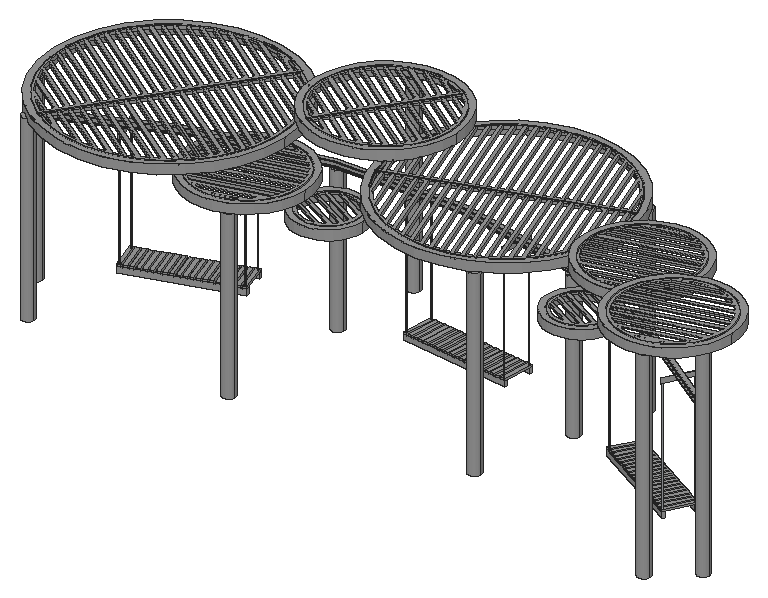
Revit family "39606 Качели «Оазис» Хоббика", category Антураж, Revit 2018 (continued)
Forms (mm)
  Extrusion 38, solid, material "Сталь" <- "Цвет каркаса"
    from 2280.493 to 2360
  Extrusion 39, solid
    sketch origin (11549.327, 5808.688, 0) x (0.680677, -0.732584, 0) y (0.732584, 0.680677, 0)
      loop
        circle (1063.971, -4073.876) r 5
      loop
        circle (2680.808, -3517.155) r 5
      loop
        circle (1213.733, -4508.815) r 5
      loop
        circle (2830.569, -3952.093) r 5
    from 450 to 2280.493
Dimensions and locks
  "Длина": plane 3 "По центру (Влево/Вправо)" to plane 4
  "Ширина": plane 5 to plane 1 "По центру (Вперед/Назад)"
  "Высота": plane 6 to plane 2
  plane 6 to level = 3400 mm
  aligned and locked: level to plane 2
Automatic sketch dimensions
  plane 3 "По центру (Влево/Вправо)" to Extrusion 1 sketch curve = 116.712 mm
  plane 3 "По центру (Влево/Вправо)" to Extrusion 1 sketch curve = 683.137 mm
  Extrusion 1 sketch curve to plane 1 "По центру (Вперед/Назад)" = 489.123 mm
  Extrusion 1 sketch curve to Extrusion 1 sketch curve = 872.217 mm
  Extrusion 2 sketch curve to Extrusion 2 sketch curve = 0 mm  (x2)
  plane 3 "По центру (Влево/Вправо)" to Extrusion 2 sketch curve = 1880 mm
  Extrusion 2 sketch curve to plane 1 "По центру (Вперед/Назад)" = 1880 mm
  Extrusion 3 sketch curve to Extrusion 3 sketch curve = 0 mm  (x2)
  Extrusion 3 sketch curve to plane 5 = 1860 mm
  Extrusion 3 sketch curve to plane 4 = 4960.581 mm
  Extrusion 4 sketch curve to plane 1 "По центру (Вперед/Назад)" = 906.903 mm
  Extrusion 4 sketch curve to plane 4 = 4167.911 mm
  Extrusion 4 sketch curve to plane 5 = 858.8 mm
  Extrusion 4 sketch curve to Extrusion 4 sketch curve = 705.248 mm
  Extrusion 5 sketch curve to plane 1 "По центру (Вперед/Назад)" = 517.367 mm
  plane 3 "По центру (Влево/Вправо)" to Extrusion 5 sketch curve = 3936.198 mm
  Extrusion 6 sketch curve to plane 1 "По центру (Вперед/Назад)" = 173.346 mm
  Extrusion 6 sketch curve to plane 4 = 819.789 mm
  Extrusion 6 sketch curve to plane 4 = 258.71 mm
  Extrusion 6 sketch curve to plane 1 "По центру (Вперед/Назад)" = 681.212 mm
  plane 3 "По центру (Влево/Вправо)" to Sweep 7 sketch curve = 5337.264 mm
  plane 1 "По центру (Вперед/Назад)" to Sweep 7 sketch curve = 7238.762 mm
  plane 3 "По центру (Влево/Вправо)" to Sweep 7 sketch curve = 116.712 mm
  Sweep 7 sketch curve to plane 4 = 258.71 mm
  Sweep 7 sketch curve to plane 1 "По центру (Вперед/Назад)" = 681.212 mm
  profile plane to Sweep 7 sketch curve = 35 mm  (x2)
  profile plane to Sweep 7 sketch curve = 5 mm
  Sweep 7 sketch curve to profile plane = 5 mm
  Sweep 7 sketch curve to Sweep 7 sketch curve = 30 mm  (x2)
  level to Sweep 7 sketch curve = 2360 mm
  Sweep 7 sketch curve to Sweep 7 sketch curve = 10 mm  (x3)
  Sweep 7 sketch curve to Sweep 7 sketch curve = 80 mm
  Sweep 7 sketch curve to Sweep 7 sketch curve = 0 mm
  Extrusion 8 sketch curve to Extrusion 8 sketch curve = 0 mm  (x2)
  Extrusion 8 sketch curve to plane 5 = 1291.985 mm
  plane 3 "По центру (Влево/Вправо)" to Extrusion 8 sketch curve = 4414.191 mm
  Extrusion 9 sketch curve to Extrusion 9 sketch curve = 0 mm  (x2)
  Extrusion 9 sketch curve to plane 1 "По центру (Вперед/Назад)" = 1361.133 mm
  plane 3 "По центру (Влево/Вправо)" to Extrusion 9 sketch curve = 4887.491 mm
  Extrusion 10 sketch curve to Extrusion 10 sketch curve = 0 mm  (x2)
  Extrusion 10 sketch curve to plane 1 "По центру (Вперед/Назад)" = 1325.489 mm
  plane 3 "По центру (Влево/Вправо)" to Extrusion 10 sketch curve = 3583.524 mm
  Extrusion 11 sketch curve to plane 5 = 1662.633 mm
  plane 3 "По центру (Влево/Вправо)" to Extrusion 11 sketch curve = 3936.198 mm
  Extrusion 12 sketch curve to plane 5 = 252.984 mm
  plane 3 "По центру (Влево/Вправо)" to Extrusion 12 sketch curve = 4047.913 mm
  Extrusion 13 sketch curve to plane 4 = 3802.769 mm
  Extrusion 13 sketch curve to plane 5 = 1933.311 mm
  Extrusion 14 sketch curve to Extrusion 14 sketch curve = 0 mm  (x2)
  Extrusion 14 sketch curve to plane 4 = 2384.984 mm
  Extrusion 14 sketch curve to plane 1 "По центру (Вперед/Назад)" = 2094.513 mm
  Extrusion 15 sketch curve to Extrusion 15 sketch curve = 0 mm  (x2)
  Extrusion 15 sketch curve to plane 4 = 1035.291 mm
  Extrusion 15 sketch curve to plane 1 "По центру (Вперед/Назад)" = 1034.303 mm
  Extrusion 16 sketch curve to Extrusion 16 sketch curve = 0 mm  (x2)
  Extrusion 16 sketch curve to plane 1 "По центру (Вперед/Назад)" = 775.2 mm
  Extrusion 16 sketch curve to plane 4 = 2323.784 mm
  Extrusion 17 sketch curve to Extrusion 17 sketch curve = 0 mm  (x600)
  plane 3 "По центру (Влево/Вправо)" to Extrusion 17 sketch curve = 150.277 mm
  Extrusion 17 sketch curve to Extrusion 17 sketch curve = 2.039 mm
  Extrusion 17 sketch curve to Extrusion 17 sketch curve = 2.07 mm
  Extrusion 17 sketch curve to Extrusion 17 sketch curve = 4.419 mm
  Extrusion 17 sketch curve to Extrusion 17 sketch curve = 9.62 mm
  Extrusion 17 sketch curve to Extrusion 17 sketch curve = 7.39 mm
  Extrusion 17 sketch curve to Extrusion 17 sketch curve = 16.622 mm
  Extrusion 17 sketch curve to Extrusion 17 sketch curve = 12.749 mm
  Extrusion 17 sketch curve to Extrusion 17 sketch curve = 19.554 mm
  Extrusion 17 sketch curve to Extrusion 17 sketch curve = 12.04 mm
  Extrusion 17 sketch curve to Extrusion 17 sketch curve = 36.295 mm
  Extrusion 17 sketch curve to Extrusion 17 sketch curve = 28.355 mm
  Extrusion 17 sketch curve to Extrusion 17 sketch curve = 16.233 mm
  Extrusion 17 sketch curve to Extrusion 17 sketch curve = 24.669 mm
  Extrusion 17 sketch curve to Extrusion 17 sketch curve = 36.416 mm
  Extrusion 17 sketch curve to Extrusion 17 sketch curve = 20.131 mm
  Extrusion 17 sketch curve to Extrusion 17 sketch curve = 66.871 mm
  Extrusion 17 sketch curve to Extrusion 17 sketch curve = 44.011 mm
  Extrusion 17 sketch curve to Extrusion 17 sketch curve = 45.325 mm
  Extrusion 17 sketch curve to Extrusion 17 sketch curve = 23.851 mm
  Extrusion 17 sketch curve to Extrusion 17 sketch curve = 51.346 mm
  Extrusion 17 sketch curve to Extrusion 17 sketch curve = 27.486 mm  (x24)
  Extrusion 17 sketch curve to Extrusion 17 sketch curve = 131.594 mm
  Extrusion 17 sketch curve to Extrusion 17 sketch curve = 58.599 mm
  Extrusion 17 sketch curve to Extrusion 17 sketch curve = 31.122 mm
  Extrusion 17 sketch curve to Extrusion 17 sketch curve = 106.816 mm
  Extrusion 17 sketch curve to Extrusion 17 sketch curve = 65.935 mm
  Extrusion 17 sketch curve to Extrusion 17 sketch curve = 34.842 mm
  Extrusion 17 sketch curve to Extrusion 17 sketch curve = 73.53 mm
  Extrusion 17 sketch curve to Extrusion 17 sketch curve = 38.739 mm
  Extrusion 17 sketch curve to Extrusion 17 sketch curve = 81.591 mm
  Extrusion 17 sketch curve to Extrusion 17 sketch curve = 42.933 mm
  Extrusion 17 sketch curve to plane 1 "По центру (Вперед/Назад)" = 462.946 mm
  Extrusion 17 sketch curve to Extrusion 17 sketch curve = 289.892 mm
  Extrusion 17 sketch curve to plane 1 "По центру (Вперед/Назад)" = 393.089 mm
  Extrusion 17 sketch curve to Extrusion 17 sketch curve = 13.883 mm
  Extrusion 17 sketch curve to plane 1 "По центру (Вперед/Назад)" = 508.286 mm
  Extrusion 17 sketch curve to Extrusion 17 sketch curve = 29.838 mm
  Extrusion 17 sketch curve to Extrusion 17 sketch curve = 90.392 mm
  Extrusion 17 sketch curve to plane 1 "По центру (Вперед/Назад)" = 633.588 mm
  Extrusion 17 sketch curve to Extrusion 17 sketch curve = 54.973 mm  (x19)
  Extrusion 17 sketch curve to Extrusion 17 sketch curve = 47.583 mm
  Extrusion 17 sketch curve to plane 1 "По центру (Вперед/Назад)" = 758.889 mm
  Extrusion 17 sketch curve to Extrusion 17 sketch curve = 100.326 mm
  Extrusion 17 sketch curve to plane 1 "По центру (Вперед/Назад)" = 884.191 mm
  Extrusion 17 sketch curve to Extrusion 17 sketch curve = 52.934 mm
  Extrusion 17 sketch curve to plane 1 "По центру (Вперед/Назад)" = 1009.492 mm
  Extrusion 17 sketch curve to Extrusion 17 sketch curve = 112.016 mm
  Extrusion 17 sketch curve to Extrusion 17 sketch curve = 59.392 mm
  Extrusion 17 sketch curve to plane 1 "По центру (Вперед/Назад)" = 1260.095 mm
  Extrusion 17 sketch curve to Extrusion 17 sketch curve = 126.568 mm
  Extrusion 17 sketch curve to plane 1 "По центру (Вперед/Назад)" = 1385.397 mm
  Extrusion 17 sketch curve to Extrusion 17 sketch curve = 67.722 mm
  Extrusion 17 sketch curve to plane 1 "По центру (Вперед/Назад)" = 1510.698 mm
  Extrusion 17 sketch curve to plane 1 "По центру (Вперед/Назад)" = 1636 mm
  Extrusion 17 sketch curve to plane 5 = 801.691 mm
  Extrusion 17 sketch curve to Extrusion 17 sketch curve = 146.241 mm
  Extrusion 17 sketch curve to plane 5 = 794.247 mm
  Extrusion 17 sketch curve to Extrusion 17 sketch curve = 79.642 mm
  Extrusion 17 sketch curve to Extrusion 17 sketch curve = 28.024 mm
  Extrusion 17 sketch curve to plane 5 = 790.896 mm
  Extrusion 17 sketch curve to plane 5 = 797.045 mm
  Extrusion 17 sketch curve to Extrusion 17 sketch curve = 100.298 mm
  Extrusion 17 sketch curve to plane 5 = 2012.191 mm
  Extrusion 17 sketch curve to plane 5 = 1886.89 mm
  Extrusion 17 sketch curve to plane 5 = 836.288 mm
  Extrusion 17 sketch curve to plane 5 = 1761.588 mm
  Extrusion 17 sketch curve to plane 5 = 1636.287 mm
  Extrusion 17 sketch curve to plane 5 = 882.903 mm
  Extrusion 17 sketch curve to Extrusion 17 sketch curve = 161.789 mm
  Extrusion 17 sketch curve to plane 5 = 1510.985 mm
  Extrusion 17 sketch curve to plane 5 = 1385.684 mm
  Extrusion 17 sketch curve to plane 5 = 1260.382 mm
  Extrusion 17 sketch curve to plane 5 = 1218.615 mm
  Extrusion 17 sketch curve to plane 5 = 1093.313 mm
  Extrusion 17 sketch curve to plane 5 = 1033.089 mm
  Extrusion 17 sketch curve to Extrusion 17 sketch curve = 41.767 mm  (x6)
  Extrusion 18 sketch curve to Extrusion 18 sketch curve = 0 mm  (x600)
  plane 1 "По центру (Вперед/Назад)" to Extrusion 18 sketch curve = 303.636 mm
  Extrusion 18 sketch curve to plane 3 "По центру (Влево/Вправо)" = 2592.725 mm
  Extrusion 18 sketch curve to Extrusion 18 sketch curve = 2.039 mm
  Extrusion 18 sketch curve to Extrusion 18 sketch curve = 2.07 mm
  Extrusion 18 sketch curve to Extrusion 18 sketch curve = 4.419 mm
  Extrusion 18 sketch curve to Extrusion 18 sketch curve = 9.62 mm
  Extrusion 18 sketch curve to Extrusion 18 sketch curve = 7.39 mm
  Extrusion 18 sketch curve to Extrusion 18 sketch curve = 16.622 mm
  Extrusion 18 sketch curve to Extrusion 18 sketch curve = 12.749 mm
  Extrusion 18 sketch curve to Extrusion 18 sketch curve = 19.554 mm
  Extrusion 18 sketch curve to Extrusion 18 sketch curve = 12.04 mm
  Extrusion 18 sketch curve to Extrusion 18 sketch curve = 36.295 mm
  Extrusion 18 sketch curve to Extrusion 18 sketch curve = 28.355 mm
  Extrusion 18 sketch curve to Extrusion 18 sketch curve = 16.233 mm
  Extrusion 18 sketch curve to Extrusion 18 sketch curve = 24.669 mm
  Extrusion 18 sketch curve to Extrusion 18 sketch curve = 36.416 mm
  Extrusion 18 sketch curve to Extrusion 18 sketch curve = 20.131 mm
  Extrusion 18 sketch curve to Extrusion 18 sketch curve = 66.871 mm
  Extrusion 18 sketch curve to Extrusion 18 sketch curve = 44.011 mm
  Extrusion 18 sketch curve to Extrusion 18 sketch curve = 45.325 mm
  Extrusion 18 sketch curve to Extrusion 18 sketch curve = 23.851 mm
  Extrusion 18 sketch curve to Extrusion 18 sketch curve = 51.346 mm
  Extrusion 18 sketch curve to Extrusion 18 sketch curve = 27.486 mm  (x24)
  Extrusion 18 sketch curve to Extrusion 18 sketch curve = 131.594 mm
  Extrusion 18 sketch curve to Extrusion 18 sketch curve = 58.599 mm
  Extrusion 18 sketch curve to Extrusion 18 sketch curve = 31.122 mm
  Extrusion 18 sketch curve to Extrusion 18 sketch curve = 106.816 mm
  Extrusion 18 sketch curve to Extrusion 18 sketch curve = 65.935 mm
  Extrusion 18 sketch curve to Extrusion 18 sketch curve = 34.842 mm
  Extrusion 18 sketch curve to Extrusion 18 sketch curve = 73.53 mm
  Extrusion 18 sketch curve to Extrusion 18 sketch curve = 38.739 mm
  Extrusion 18 sketch curve to Extrusion 18 sketch curve = 81.591 mm
  Extrusion 18 sketch curve to Extrusion 18 sketch curve = 42.933 mm
  Extrusion 18 sketch curve to Extrusion 18 sketch curve = 289.892 mm
  Extrusion 18 sketch curve to Extrusion 18 sketch curve = 13.883 mm
  Extrusion 18 sketch curve to Extrusion 18 sketch curve = 29.838 mm  (x2)
  Extrusion 18 sketch curve to Extrusion 18 sketch curve = 90.392 mm
  Extrusion 18 sketch curve to Extrusion 18 sketch curve = 54.973 mm  (x22)
  Extrusion 18 sketch curve to Extrusion 18 sketch curve = 47.583 mm
  Extrusion 18 sketch curve to Extrusion 18 sketch curve = 100.326 mm
  Extrusion 18 sketch curve to Extrusion 18 sketch curve = 52.934 mm
  Extrusion 18 sketch curve to Extrusion 18 sketch curve = 112.016 mm
  Extrusion 18 sketch curve to Extrusion 18 sketch curve = 59.392 mm
  Extrusion 18 sketch curve to Extrusion 18 sketch curve = 126.568 mm
  Extrusion 18 sketch curve to Extrusion 18 sketch curve = 67.722 mm
  Extrusion 18 sketch curve to Extrusion 18 sketch curve = 146.241 mm
  Extrusion 18 sketch curve to Extrusion 18 sketch curve = 79.642 mm
  Extrusion 18 sketch curve to Extrusion 18 sketch curve = 28.024 mm
  Extrusion 18 sketch curve to Extrusion 18 sketch curve = 176.816 mm
  Extrusion 18 sketch curve to Extrusion 18 sketch curve = 100.298 mm
  Extrusion 18 sketch curve to Extrusion 18 sketch curve = 241.54 mm
  Extrusion 18 sketch curve to Extrusion 18 sketch curve = 161.789 mm
  Extrusion 18 sketch curve to Extrusion 18 sketch curve = 69.651 mm
  Extrusion 18 sketch curve to Extrusion 18 sketch curve = 24.376 mm
  Extrusion 18 sketch curve to Extrusion 18 sketch curve = 6.603 mm
  Extrusion 18 sketch curve to Extrusion 18 sketch curve = 41.767 mm  (x17)
  Extrusion 18 sketch curve to Extrusion 18 sketch curve = 62.764 mm
  Extrusion 18 sketch curve to Extrusion 18 sketch curve = 68.246 mm
  Extrusion 18 sketch curve to Extrusion 18 sketch curve = 76.09 mm
  Extrusion 18 sketch curve to Extrusion 18 sketch curve = 89.683 mm
  Extrusion 18 sketch curve to Extrusion 18 sketch curve = 130.15 mm
  Extrusion 18 sketch curve to Extrusion 18 sketch curve = 69.857 mm
  Extrusion 19 sketch curve to Extrusion 19 sketch curve = 0 mm  (x600)
  Extrusion 19 sketch curve to plane 5 = 832.915 mm
  plane 3 "По центру (Влево/Вправо)" to Extrusion 19 sketch curve = 5472.234 mm
  Extrusion 19 sketch curve to Extrusion 19 sketch curve = 1.628 mm
  Extrusion 19 sketch curve to Extrusion 19 sketch curve = 3.058 mm
  Extrusion 19 sketch curve to Extrusion 19 sketch curve = 5.016 mm
  Extrusion 19 sketch curve to Extrusion 19 sketch curve = 8.929 mm
  Extrusion 19 sketch curve to Extrusion 19 sketch curve = 7.099 mm
  Extrusion 19 sketch curve to Extrusion 19 sketch curve = 18.098 mm
  Extrusion 19 sketch curve to Extrusion 19 sketch curve = 19.063 mm
  Extrusion 19 sketch curve to Extrusion 19 sketch curve = 13.673 mm
  Extrusion 19 sketch curve to Extrusion 19 sketch curve = 11.834 mm
  Extrusion 19 sketch curve to Extrusion 19 sketch curve = 28.011 mm
  Extrusion 19 sketch curve to Extrusion 19 sketch curve = 38.698 mm
  Extrusion 19 sketch curve to Extrusion 19 sketch curve = 16.092 mm
  Extrusion 19 sketch curve to Extrusion 19 sketch curve = 26.277 mm
  Extrusion 19 sketch curve to Extrusion 19 sketch curve = 36.188 mm
  Extrusion 19 sketch curve to Extrusion 19 sketch curve = 20.043 mm
  Extrusion 19 sketch curve to Extrusion 19 sketch curve = 71.544 mm
  Extrusion 19 sketch curve to Extrusion 19 sketch curve = 43.88 mm
  Extrusion 19 sketch curve to Extrusion 19 sketch curve = 23.808 mm
  Extrusion 19 sketch curve to Extrusion 19 sketch curve = 48.975 mm
  Extrusion 19 sketch curve to Extrusion 19 sketch curve = 51.304 mm
  Extrusion 19 sketch curve to Extrusion 19 sketch curve = 27.486 mm  (x24)
  Extrusion 19 sketch curve to Extrusion 19 sketch curve = 58.642 mm
  Extrusion 19 sketch curve to Extrusion 19 sketch curve = 146.502 mm
  Extrusion 19 sketch curve to Extrusion 19 sketch curve = 31.165 mm
  Extrusion 19 sketch curve to Extrusion 19 sketch curve = 55.773 mm
  Extrusion 19 sketch curve to Extrusion 19 sketch curve = 66.066 mm
  Extrusion 19 sketch curve to Extrusion 19 sketch curve = 34.93 mm
  Extrusion 19 sketch curve to Extrusion 19 sketch curve = 73.758 mm
  Extrusion 19 sketch curve to Extrusion 19 sketch curve = 38.881 mm
  Extrusion 19 sketch curve to Extrusion 19 sketch curve = 81.935 mm
  Extrusion 19 sketch curve to Extrusion 19 sketch curve = 289.892 mm
  Extrusion 19 sketch curve to Extrusion 19 sketch curve = 43.139 mm
  Extrusion 19 sketch curve to Extrusion 19 sketch curve = 24.878 mm
  Extrusion 19 sketch curve to Extrusion 19 sketch curve = 29.838 mm  (x2)
  Extrusion 19 sketch curve to Extrusion 19 sketch curve = 90.883 mm
  Extrusion 19 sketch curve to Extrusion 19 sketch curve = 54.973 mm  (x22)
  Extrusion 19 sketch curve to Extrusion 19 sketch curve = 47.874 mm
  Extrusion 19 sketch curve to Extrusion 19 sketch curve = 101.017 mm
  Extrusion 19 sketch curve to Extrusion 19 sketch curve = 53.345 mm
  Extrusion 19 sketch curve to Extrusion 19 sketch curve = 113.004 mm
  Extrusion 19 sketch curve to Extrusion 19 sketch curve = 59.989 mm
  Extrusion 19 sketch curve to Extrusion 19 sketch curve = 128.043 mm
  Extrusion 19 sketch curve to Extrusion 19 sketch curve = 68.645 mm
  Extrusion 19 sketch curve to Extrusion 19 sketch curve = 148.644 mm
  Extrusion 19 sketch curve to Extrusion 19 sketch curve = 81.25 mm
  Extrusion 19 sketch curve to Extrusion 19 sketch curve = 28.024 mm
  Extrusion 19 sketch curve to Extrusion 19 sketch curve = 181.49 mm
  Extrusion 19 sketch curve to Extrusion 19 sketch curve = 103.948 mm
  Extrusion 19 sketch curve to Extrusion 19 sketch curve = 256.448 mm
  Extrusion 19 sketch curve to Extrusion 19 sketch curve = 110.746 mm
  Extrusion 19 sketch curve to Extrusion 19 sketch curve = 58.656 mm
  Extrusion 19 sketch curve to Extrusion 19 sketch curve = 11.335 mm
  Extrusion 19 sketch curve to Extrusion 19 sketch curve = 6.603 mm
  Extrusion 19 sketch curve to Extrusion 19 sketch curve = 41.767 mm  (x17)
  Extrusion 19 sketch curve to Extrusion 19 sketch curve = 63.157 mm
  Extrusion 19 sketch curve to Extrusion 19 sketch curve = 68.853 mm
  Extrusion 19 sketch curve to Extrusion 19 sketch curve = 77.148 mm
  Extrusion 19 sketch curve to Extrusion 19 sketch curve = 92.085 mm
  Extrusion 19 sketch curve to Extrusion 19 sketch curve = 96.559 mm
  Extrusion 19 sketch curve to Extrusion 19 sketch curve = 53.15 mm
  Extrusion 20 sketch curve to Extrusion 20 sketch curve = 0 mm  (x600)
  plane 1 "По центру (Вперед/Назад)" to Extrusion 20 sketch curve = 869.955 mm
  plane 4 to Extrusion 20 sketch curve = 5328.072 mm
  Extrusion 20 sketch curve to Extrusion 20 sketch curve = 1.628 mm
  Extrusion 20 sketch curve to Extrusion 20 sketch curve = 3.058 mm
  Extrusion 20 sketch curve to Extrusion 20 sketch curve = 5.016 mm
  Extrusion 20 sketch curve to Extrusion 20 sketch curve = 8.929 mm
  Extrusion 20 sketch curve to Extrusion 20 sketch curve = 7.099 mm
  Extrusion 20 sketch curve to Extrusion 20 sketch curve = 18.098 mm
  Extrusion 20 sketch curve to Extrusion 20 sketch curve = 19.063 mm
  Extrusion 20 sketch curve to Extrusion 20 sketch curve = 13.673 mm
  Extrusion 20 sketch curve to Extrusion 20 sketch curve = 11.834 mm
  Extrusion 20 sketch curve to Extrusion 20 sketch curve = 28.011 mm
  Extrusion 20 sketch curve to Extrusion 20 sketch curve = 38.698 mm
  Extrusion 20 sketch curve to Extrusion 20 sketch curve = 16.092 mm
  Extrusion 20 sketch curve to Extrusion 20 sketch curve = 26.277 mm
  Extrusion 20 sketch curve to Extrusion 20 sketch curve = 36.188 mm
  Extrusion 20 sketch curve to Extrusion 20 sketch curve = 20.043 mm
  Extrusion 20 sketch curve to Extrusion 20 sketch curve = 71.544 mm
  Extrusion 20 sketch curve to Extrusion 20 sketch curve = 43.88 mm
  Extrusion 20 sketch curve to Extrusion 20 sketch curve = 23.808 mm
  Extrusion 20 sketch curve to Extrusion 20 sketch curve = 48.975 mm
  Extrusion 20 sketch curve to Extrusion 20 sketch curve = 51.304 mm
  Extrusion 20 sketch curve to Extrusion 20 sketch curve = 27.486 mm  (x24)
  Extrusion 20 sketch curve to Extrusion 20 sketch curve = 58.642 mm
  Extrusion 20 sketch curve to Extrusion 20 sketch curve = 146.502 mm
  Extrusion 20 sketch curve to Extrusion 20 sketch curve = 31.165 mm
  Extrusion 20 sketch curve to Extrusion 20 sketch curve = 55.773 mm
  Extrusion 20 sketch curve to Extrusion 20 sketch curve = 66.066 mm
  Extrusion 20 sketch curve to Extrusion 20 sketch curve = 34.93 mm
  Extrusion 20 sketch curve to Extrusion 20 sketch curve = 73.758 mm
  Extrusion 20 sketch curve to Extrusion 20 sketch curve = 38.881 mm
  Extrusion 20 sketch curve to Extrusion 20 sketch curve = 81.935 mm
  Extrusion 20 sketch curve to Extrusion 20 sketch curve = 289.892 mm
  Extrusion 20 sketch curve to Extrusion 20 sketch curve = 43.139 mm
  Extrusion 20 sketch curve to Extrusion 20 sketch curve = 24.878 mm
  Extrusion 20 sketch curve to Extrusion 20 sketch curve = 29.838 mm  (x2)
  Extrusion 20 sketch curve to Extrusion 20 sketch curve = 90.883 mm
  Extrusion 20 sketch curve to Extrusion 20 sketch curve = 54.973 mm  (x22)
  Extrusion 20 sketch curve to Extrusion 20 sketch curve = 47.874 mm
  Extrusion 20 sketch curve to Extrusion 20 sketch curve = 101.017 mm
  Extrusion 20 sketch curve to Extrusion 20 sketch curve = 53.345 mm
  Extrusion 20 sketch curve to Extrusion 20 sketch curve = 113.004 mm
  Extrusion 20 sketch curve to Extrusion 20 sketch curve = 59.989 mm
  Extrusion 20 sketch curve to Extrusion 20 sketch curve = 128.043 mm
  Extrusion 20 sketch curve to Extrusion 20 sketch curve = 68.645 mm
  Extrusion 20 sketch curve to Extrusion 20 sketch curve = 148.644 mm
  Extrusion 20 sketch curve to Extrusion 20 sketch curve = 81.25 mm
  Extrusion 20 sketch curve to Extrusion 20 sketch curve = 28.024 mm
  Extrusion 20 sketch curve to Extrusion 20 sketch curve = 181.49 mm
  Extrusion 20 sketch curve to Extrusion 20 sketch curve = 103.948 mm
  Extrusion 20 sketch curve to Extrusion 20 sketch curve = 256.448 mm
  Extrusion 20 sketch curve to Extrusion 20 sketch curve = 110.746 mm
  Extrusion 20 sketch curve to Extrusion 20 sketch curve = 58.656 mm
  Extrusion 20 sketch curve to Extrusion 20 sketch curve = 11.335 mm
  Extrusion 20 sketch curve to Extrusion 20 sketch curve = 6.603 mm
  Extrusion 20 sketch curve to Extrusion 20 sketch curve = 41.767 mm  (x17)
  Extrusion 20 sketch curve to Extrusion 20 sketch curve = 63.157 mm
  Extrusion 20 sketch curve to Extrusion 20 sketch curve = 68.853 mm
  Extrusion 20 sketch curve to Extrusion 20 sketch curve = 77.148 mm
  Extrusion 20 sketch curve to Extrusion 20 sketch curve = 92.085 mm
  Extrusion 20 sketch curve to Extrusion 20 sketch curve = 96.559 mm
  Extrusion 20 sketch curve to Extrusion 20 sketch curve = 53.15 mm
  Extrusion 21 sketch curve to Extrusion 21 sketch curve = 0 mm  (x210)
  Extrusion 21 sketch curve to plane 5 = 1315.843 mm
  plane 3 "По центру (Влево/Вправо)" to Extrusion 21 sketch curve = 3404.473 mm
  Extrusion 21 sketch curve to plane 5 = 1377.923 mm
  Extrusion 21 sketch curve to Extrusion 21 sketch curve = 3.381 mm
  Extrusion 21 sketch curve to plane 5 = 1198.782 mm
  Extrusion 21 sketch curve to Extrusion 21 sketch curve = 4.028 mm
  Extrusion 21 sketch curve to Extrusion 21 sketch curve = 6.69 mm
  Extrusion 21 sketch curve to plane 5 = 1511.046 mm
  Extrusion 21 sketch curve to Extrusion 21 sketch curve = 20.38 mm
  Extrusion 21 sketch curve to plane 5 = 1037.777 mm
  Extrusion 21 sketch curve to Extrusion 21 sketch curve = 21.515 mm
  Extrusion 21 sketch curve to plane 5 = 1583.334 mm
  Extrusion 21 sketch curve to Extrusion 21 sketch curve = 18.892 mm
  Extrusion 21 sketch curve to plane 5 = 987.456 mm
  Extrusion 21 sketch curve to Extrusion 21 sketch curve = 14.489 mm
  Extrusion 21 sketch curve to plane 5 = 891.343 mm
  Extrusion 21 sketch curve to plane 5 = 845.446 mm
  Extrusion 21 sketch curve to Extrusion 21 sketch curve = 21.212 mm
  Extrusion 21 sketch curve to plane 5 = 1745.597 mm
  Extrusion 21 sketch curve to plane 5 = 757.813 mm
  Extrusion 21 sketch curve to Extrusion 21 sketch curve = 55.129 mm
  Extrusion 21 sketch curve to plane 5 = 716.046 mm
  Extrusion 21 sketch curve to Extrusion 21 sketch curve = 27.486 mm  (x14)
  Extrusion 21 sketch curve to plane 5 = 636.61 mm
  Extrusion 21 sketch curve to plane 5 = 598.972 mm
  Extrusion 21 sketch curve to Extrusion 21 sketch curve = 33.761 mm
  Extrusion 21 sketch curve to plane 5 = 528.017 mm
  Extrusion 21 sketch curve to plane 5 = 494.803 mm
  Extrusion 21 sketch curve to Extrusion 21 sketch curve = 40.484 mm
  Extrusion 21 sketch curve to plane 5 = 2107.161 mm
  Extrusion 21 sketch curve to Extrusion 21 sketch curve = 250.965 mm
  Extrusion 21 sketch curve to Extrusion 21 sketch curve = 13.6 mm
  Extrusion 21 sketch curve to plane 5 = 2037.192 mm
  Extrusion 21 sketch curve to plane 5 = 433.287 mm
  Extrusion 21 sketch curve to plane 5 = 405.206 mm
  Extrusion 21 sketch curve to Extrusion 21 sketch curve = 48.283 mm
  Extrusion 21 sketch curve to plane 5 = 1911.89 mm
  Extrusion 21 sketch curve to plane 5 = 1786.589 mm
  Extrusion 21 sketch curve to plane 5 = 355.198 mm
  Extrusion 21 sketch curve to plane 5 = 1744.821 mm
  Extrusion 21 sketch curve to plane 5 = 333.744 mm
  Extrusion 21 sketch curve to Extrusion 21 sketch curve = 58.354 mm
  Extrusion 21 sketch curve to plane 5 = 1619.52 mm
  Extrusion 21 sketch curve to plane 5 = 1494.218 mm
  Extrusion 21 sketch curve to plane 5 = 299.798 mm
  Extrusion 21 sketch curve to plane 5 = 288.552 mm
  Extrusion 21 sketch curve to Extrusion 21 sketch curve = 73.865 mm
  Extrusion 21 sketch curve to plane 5 = 1368.917 mm
  Extrusion 21 sketch curve to plane 5 = 1243.615 mm
  Extrusion 21 sketch curve to plane 5 = 1118.314 mm
  Extrusion 21 sketch curve to plane 5 = 283.747 mm
  Extrusion 21 sketch curve to plane 5 = 993.012 mm
  Extrusion 21 sketch curve to plane 5 = 296.348 mm
  Extrusion 21 sketch curve to Extrusion 21 sketch curve = 110.102 mm
  Extrusion 21 sketch curve to plane 5 = 867.711 mm
  Extrusion 21 sketch curve to plane 5 = 742.409 mm
  Extrusion 21 sketch curve to plane 5 = 617.108 mm
  Extrusion 21 sketch curve to plane 5 = 491.806 mm
  Extrusion 21 sketch curve to plane 5 = 406.521 mm
  Extrusion 21 sketch curve to Extrusion 21 sketch curve = 69.934 mm
  Extrusion 22 sketch curve to Extrusion 22 sketch curve = 0 mm  (x210)
  plane 1 "По центру (Вперед/Назад)" to Extrusion 22 sketch curve = 2171.227 mm
  Extrusion 22 sketch curve to plane 3 "По центру (Влево/Вправо)" = 4791.722 mm
  Extrusion 22 sketch curve to Extrusion 22 sketch curve = 3.381 mm
  Extrusion 22 sketch curve to Extrusion 22 sketch curve = 4.028 mm
  Extrusion 22 sketch curve to Extrusion 22 sketch curve = 6.69 mm
  Extrusion 22 sketch curve to Extrusion 22 sketch curve = 20.38 mm
  Extrusion 22 sketch curve to Extrusion 22 sketch curve = 21.515 mm
  Extrusion 22 sketch curve to Extrusion 22 sketch curve = 18.892 mm
  Extrusion 22 sketch curve to Extrusion 22 sketch curve = 14.489 mm
  Extrusion 22 sketch curve to Extrusion 22 sketch curve = 35.858 mm
  Extrusion 22 sketch curve to Extrusion 22 sketch curve = 21.212 mm
  Extrusion 22 sketch curve to Extrusion 22 sketch curve = 64.66 mm
  Extrusion 22 sketch curve to Extrusion 22 sketch curve = 48.745 mm
  Extrusion 22 sketch curve to Extrusion 22 sketch curve = 55.129 mm
  Extrusion 22 sketch curve to Extrusion 22 sketch curve = 27.486 mm  (x14)
  Extrusion 22 sketch curve to Extrusion 22 sketch curve = 61.201 mm
  Extrusion 22 sketch curve to Extrusion 22 sketch curve = 33.761 mm
  Extrusion 22 sketch curve to Extrusion 22 sketch curve = 74.088 mm
  Extrusion 22 sketch curve to Extrusion 22 sketch curve = 40.484 mm
  Extrusion 22 sketch curve to Extrusion 22 sketch curve = 250.965 mm
  Extrusion 22 sketch curve to Extrusion 22 sketch curve = 13.6 mm
  Extrusion 22 sketch curve to Extrusion 22 sketch curve = 46.046 mm  (x2)
  Extrusion 22 sketch curve to Extrusion 22 sketch curve = 88.431 mm
  Extrusion 22 sketch curve to Extrusion 22 sketch curve = 48.283 mm
  Extrusion 22 sketch curve to Extrusion 22 sketch curve = 54.973 mm  (x12)
  Extrusion 22 sketch curve to Extrusion 22 sketch curve = 105.918 mm
  Extrusion 22 sketch curve to Extrusion 22 sketch curve = 58.354 mm
  Extrusion 22 sketch curve to Extrusion 22 sketch curve = 130.325 mm
  Extrusion 22 sketch curve to Extrusion 22 sketch curve = 73.865 mm
  Extrusion 22 sketch curve to Extrusion 22 sketch curve = 28.024 mm
  Extrusion 22 sketch curve to Extrusion 22 sketch curve = 174.606 mm
  Extrusion 22 sketch curve to Extrusion 22 sketch curve = 110.102 mm
  Extrusion 22 sketch curve to Extrusion 22 sketch curve = 69.934 mm
  Extrusion 22 sketch curve to Extrusion 22 sketch curve = 53.074 mm
  Extrusion 22 sketch curve to Extrusion 22 sketch curve = 62.081 mm
  Extrusion 22 sketch curve to Extrusion 22 sketch curve = 41.767 mm  (x9)
  Extrusion 22 sketch curve to Extrusion 22 sketch curve = 83.534 mm
  Extrusion 22 sketch curve to Extrusion 22 sketch curve = 72.288 mm
  Extrusion 22 sketch curve to Extrusion 22 sketch curve = 96.135 mm
  Extrusion 22 sketch curve to Extrusion 22 sketch curve = 70.288 mm
  Extrusion 23 sketch curve to Extrusion 23 sketch curve = 0 mm  (x552)
  Extrusion 23 sketch curve to plane 1 "По центру (Вперед/Назад)" = 1279.449 mm
  plane 3 "По центру (Влево/Вправо)" to Extrusion 23 sketch curve = 2784.849 mm
  Extrusion 23 sketch curve to plane 1 "По центру (Вперед/Назад)" = 1383.671 mm
  Extrusion 23 sketch curve to Extrusion 23 sketch curve = 0.793 mm
  Extrusion 23 sketch curve to Extrusion 23 sketch curve = 4.545 mm
  Extrusion 23 sketch curve to Extrusion 23 sketch curve = 5.735 mm  (x2)
  Extrusion 23 sketch curve to plane 1 "По центру (Вперед/Назад)" = 1130.001 mm
  Extrusion 23 sketch curve to Extrusion 23 sketch curve = 18.382 mm
  Extrusion 23 sketch curve to plane 1 "По центру (Вперед/Назад)" = 1548.08 mm
  Extrusion 23 sketch curve to Extrusion 23 sketch curve = 23.738 mm
  Extrusion 23 sketch curve to Extrusion 23 sketch curve = 13.727 mm  (x2)
  Extrusion 23 sketch curve to Extrusion 23 sketch curve = 19.017 mm  (x2)
  Extrusion 23 sketch curve to plane 1 "По центру (Вперед/Назад)" = 988.355 mm
  Extrusion 23 sketch curve to Extrusion 23 sketch curve = 36.527 mm
  Extrusion 23 sketch curve to plane 1 "По центру (Вперед/Назад)" = 942.898 mm
  Extrusion 23 sketch curve to Extrusion 23 sketch curve = 22.91 mm  (x2)
  Extrusion 23 sketch curve to plane 1 "По центру (Вперед/Назад)" = 1725.689 mm
  Extrusion 23 sketch curve to Extrusion 23 sketch curve = 56.688 mm
  Extrusion 23 sketch curve to Extrusion 23 sketch curve = 40.929 mm  (x2)
  Extrusion 23 sketch curve to plane 1 "По центру (Вперед/Назад)" = 854.805 mm
  Extrusion 23 sketch curve to Extrusion 23 sketch curve = 55.701 mm
  Extrusion 23 sketch curve to plane 1 "По центру (Вперед/Назад)" = 812.283 mm
  Extrusion 23 sketch curve to Extrusion 23 sketch curve = 33.189 mm  (x2)
  Extrusion 23 sketch curve to plane 1 "По центру (Вперед/Назад)" = 730.742 mm
  Extrusion 23 sketch curve to Extrusion 23 sketch curve = 127.533 mm
  Extrusion 23 sketch curve to plane 1 "По центру (Вперед/Назад)" = 692.012 mm
  Extrusion 23 sketch curve to Extrusion 23 sketch curve = 46.471 mm  (x2)
  Extrusion 23 sketch curve to Extrusion 23 sketch curve = 120.665 mm  (x2)
  Extrusion 23 sketch curve to plane 1 "По центру (Вперед/Назад)" = 619.878 mm
  Extrusion 23 sketch curve to plane 1 "По центру (Вперед/Назад)" = 587.404 mm
  Extrusion 23 sketch curve to Extrusion 23 sketch curve = 68.383 mm  (x2)
  Extrusion 23 sketch curve to plane 1 "По центру (Вперед/Назад)" = 535.498 mm
  Extrusion 23 sketch curve to Extrusion 23 sketch curve = 381.613 mm
  Extrusion 23 sketch curve to plane 1 "По центру (Вперед/Назад)" = 525.79 mm
  Extrusion 23 sketch curve to Extrusion 23 sketch curve = 148.119 mm  (x2)
  Extrusion 23 sketch curve to Extrusion 23 sketch curve = 182.442 mm
  Extrusion 23 sketch curve to plane 1 "По центру (Вперед/Назад)" = 634.746 mm
  Extrusion 23 sketch curve to plane 1 "По центру (Вперед/Назад)" = 1958.965 mm
  Extrusion 23 sketch curve to Extrusion 23 sketch curve = 111.597 mm
  Extrusion 23 sketch curve to plane 1 "По центру (Вперед/Назад)" = 721.196 mm
  Extrusion 23 sketch curve to plane 1 "По центру (Вперед/Назад)" = 1920.236 mm
  Extrusion 23 sketch curve to plane 1 "По центру (Вперед/Назад)" = 1838.694 mm
  Extrusion 23 sketch curve to plane 1 "По центру (Вперед/Назад)" = 1796.172 mm
  Extrusion 23 sketch curve to plane 1 "По центру (Вперед/Назад)" = 861.604 mm
  Extrusion 23 sketch curve to plane 1 "По центру (Вперед/Назад)" = 925.288 mm
  Extrusion 23 sketch curve to plane 1 "По центру (Вперед/Назад)" = 1708.079 mm
  Extrusion 23 sketch curve to plane 1 "По центру (Вперед/Назад)" = 1662.622 mm
  Extrusion 23 sketch curve to plane 1 "По центру (Вперед/Назад)" = 1045.469 mm
  Extrusion 23 sketch curve to plane 1 "По центру (Вперед/Назад)" = 1569.055 mm
  Extrusion 23 sketch curve to plane 1 "По центру (Вперед/Назад)" = 1102.897 mm
  Extrusion 23 sketch curve to plane 1 "По центру (Вперед/Назад)" = 1520.977 mm
  Extrusion 23 sketch curve to plane 1 "По центру (Вперед/Назад)" = 1213.671 mm
  Extrusion 23 sketch curve to plane 1 "По центру (Вперед/Назад)" = 1422.229 mm
  Extrusion 23 sketch curve to plane 1 "По центру (Вперед/Назад)" = 1267.306 mm
  Extrusion 23 sketch curve to plane 1 "По центру (Вперед/Назад)" = 1371.528 mm
  Extrusion 23 sketch curve to Extrusion 23 sketch curve = 63.684 mm
  Extrusion 23 sketch curve to Extrusion 23 sketch curve = 86.45 mm
  Extrusion 23 sketch curve to Extrusion 23 sketch curve = 32.474 mm
  Extrusion 23 sketch curve to Extrusion 23 sketch curve = 51.326 mm
  Extrusion 24 sketch curve to Extrusion 24 sketch curve = 0 mm  (x132)
  Extrusion 24 sketch curve to plane 1 "По центру (Вперед/Назад)" = 1650.114 mm
  plane 3 "По центру (Влево/Вправо)" to Extrusion 24 sketch curve = 4596.648 mm
  Extrusion 24 sketch curve to Extrusion 24 sketch curve = 5.22 mm  (x2)
  Extrusion 24 sketch curve to Extrusion 24 sketch curve = 9.418 mm
  Extrusion 24 sketch curve to Extrusion 24 sketch curve = 13.727 mm  (x2)
  Extrusion 24 sketch curve to Extrusion 24 sketch curve = 36.663 mm  (x2)
  Extrusion 24 sketch curve to Extrusion 24 sketch curve = 45.49 mm  (x2)
  Extrusion 24 sketch curve to Extrusion 24 sketch curve = 38.339 mm  (x2)
  Extrusion 24 sketch curve to Extrusion 24 sketch curve = 32.674 mm  (x2)
  Extrusion 24 sketch curve to Extrusion 24 sketch curve = 91.571 mm  (x2)
  Extrusion 24 sketch curve to Extrusion 24 sketch curve = 65.794 mm  (x2)
  Extrusion 24 sketch curve to Extrusion 24 sketch curve = 341.158 mm
  Extrusion 24 sketch curve to Extrusion 24 sketch curve = 151.119 mm
  Extrusion 24 sketch curve to Extrusion 24 sketch curve = 329.572 mm
  Extrusion 24 sketch curve to Extrusion 24 sketch curve = 12.993 mm  (x2)
  Extrusion 24 sketch curve to Extrusion 24 sketch curve = 53.488 mm  (x2)
  Extrusion 24 sketch curve to Extrusion 24 sketch curve = 48.079 mm  (x2)
  Extrusion 24 sketch curve to Extrusion 24 sketch curve = 62.944 mm  (x2)
  Extrusion 24 sketch curve to Extrusion 24 sketch curve = 42.669 mm  (x2)
  Extrusion 24 sketch curve to Extrusion 24 sketch curve = 50.206 mm
  Extrusion 25 sketch curve to Extrusion 25 sketch curve = 0 mm  (x132)
  Extrusion 25 sketch curve to plane 1 "По центру (Вперед/Назад)" = 1064.181 mm
  Extrusion 25 sketch curve to plane 4 = 2614.627 mm
  Extrusion 25 sketch curve to Extrusion 25 sketch curve = 5.22 mm  (x2)
  Extrusion 25 sketch curve to Extrusion 25 sketch curve = 9.418 mm
  Extrusion 25 sketch curve to Extrusion 25 sketch curve = 13.727 mm  (x2)
  Extrusion 25 sketch curve to Extrusion 25 sketch curve = 36.663 mm  (x2)
  Extrusion 25 sketch curve to Extrusion 25 sketch curve = 45.49 mm  (x2)
  Extrusion 25 sketch curve to Extrusion 25 sketch curve = 38.339 mm  (x2)
  Extrusion 25 sketch curve to Extrusion 25 sketch curve = 32.674 mm  (x2)
  Extrusion 25 sketch curve to Extrusion 25 sketch curve = 91.571 mm  (x2)
  Extrusion 25 sketch curve to Extrusion 25 sketch curve = 65.794 mm  (x2)
  Extrusion 25 sketch curve to Extrusion 25 sketch curve = 341.158 mm
  Extrusion 25 sketch curve to Extrusion 25 sketch curve = 151.119 mm
  Extrusion 25 sketch curve to Extrusion 25 sketch curve = 329.572 mm
  Extrusion 25 sketch curve to Extrusion 25 sketch curve = 12.993 mm  (x2)
  Extrusion 25 sketch curve to Extrusion 25 sketch curve = 53.488 mm  (x2)
  Extrusion 25 sketch curve to Extrusion 25 sketch curve = 48.079 mm  (x2)
  Extrusion 25 sketch curve to Extrusion 25 sketch curve = 62.944 mm  (x2)
  Extrusion 25 sketch curve to Extrusion 25 sketch curve = 42.669 mm  (x2)
  Extrusion 25 sketch curve to Extrusion 25 sketch curve = 50.206 mm
  Extrusion 26 sketch curve to Extrusion 26 sketch curve = 0 mm  (x552)
  Extrusion 26 sketch curve to plane 4 = 3183.658 mm
  Extrusion 26 sketch curve to plane 1 "По центру (Вперед/Назад)" = 2152.696 mm
  Extrusion 26 sketch curve to Extrusion 26 sketch curve = 0.793 mm
  Extrusion 26 sketch curve to Extrusion 26 sketch curve = 4.545 mm  (x2)
  Extrusion 26 sketch curve to Extrusion 26 sketch curve = 5.735 mm  (x2)
  Extrusion 26 sketch curve to plane 1 "По центру (Вперед/Назад)" = 1899.025 mm
  Extrusion 26 sketch curve to Extrusion 26 sketch curve = 18.382 mm  (x2)
  Extrusion 26 sketch curve to plane 5 = 2082.895 mm
  Extrusion 26 sketch curve to Extrusion 26 sketch curve = 23.738 mm  (x2)
  Extrusion 26 sketch curve to Extrusion 26 sketch curve = 13.727 mm  (x2)
  Extrusion 26 sketch curve to Extrusion 26 sketch curve = 19.017 mm  (x2)
  Extrusion 26 sketch curve to plane 1 "По центру (Вперед/Назад)" = 1757.38 mm
  Extrusion 26 sketch curve to Extrusion 26 sketch curve = 36.527 mm  (x2)
  Extrusion 26 sketch curve to Extrusion 26 sketch curve = 22.91 mm  (x2)
  Extrusion 26 sketch curve to plane 5 = 1905.286 mm
  Extrusion 26 sketch curve to Extrusion 26 sketch curve = 56.688 mm  (x2)
  Extrusion 26 sketch curve to Extrusion 26 sketch curve = 40.929 mm  (x2)
  Extrusion 26 sketch curve to plane 1 "По центру (Вперед/Назад)" = 1623.83 mm
  Extrusion 26 sketch curve to Extrusion 26 sketch curve = 55.701 mm  (x2)
  Extrusion 26 sketch curve to Extrusion 26 sketch curve = 33.189 mm  (x2)
  Extrusion 26 sketch curve to plane 1 "По центру (Вперед/Назад)" = 1499.766 mm
  Extrusion 26 sketch curve to Extrusion 26 sketch curve = 78.646 mm  (x2)
  Extrusion 26 sketch curve to plane 5 = 1701.194 mm
  Extrusion 26 sketch curve to Extrusion 26 sketch curve = 127.533 mm  (x2)
  Extrusion 26 sketch curve to Extrusion 26 sketch curve = 46.471 mm  (x2)
  Extrusion 26 sketch curve to Extrusion 26 sketch curve = 120.665 mm  (x2)
  Extrusion 26 sketch curve to Extrusion 26 sketch curve = 111.597 mm  (x2)
  Extrusion 26 sketch curve to Extrusion 26 sketch curve = 68.383 mm  (x2)
  Extrusion 26 sketch curve to Extrusion 26 sketch curve = 182.442 mm  (x2)
  Extrusion 26 sketch curve to Extrusion 26 sketch curve = 381.613 mm  (x2)
  Extrusion 26 sketch curve to Extrusion 26 sketch curve = 798.674 mm
  Extrusion 26 sketch curve to plane 1 "По центру (Вперед/Назад)" = 1294.815 mm
  Extrusion 26 sketch curve to Extrusion 26 sketch curve = 148.119 mm  (x2)
  Extrusion 26 sketch curve to plane 1 "По центру (Вперед/Назад)" = 1403.771 mm
  Extrusion 26 sketch curve to Extrusion 26 sketch curve = 9.708 mm
  Extrusion 26 sketch curve to Extrusion 26 sketch curve = 32.474 mm  (x2)
  Extrusion 26 sketch curve to Extrusion 26 sketch curve = 86.45 mm  (x2)
  Extrusion 26 sketch curve to Extrusion 26 sketch curve = 63.684 mm
  Extrusion 26 sketch curve to Extrusion 26 sketch curve = 57.428 mm
  Extrusion 26 sketch curve to Extrusion 26 sketch curve = 53.635 mm
  Extrusion 26 sketch curve to Extrusion 26 sketch curve = 50.7 mm
  Extrusion 26 sketch curve to Extrusion 26 sketch curve = 48.079 mm
  Extrusion 26 sketch curve to Extrusion 26 sketch curve = 45.457 mm
  Extrusion 26 sketch curve to Extrusion 26 sketch curve = 42.522 mm
  Extrusion 26 sketch curve to Extrusion 26 sketch curve = 38.73 mm
  Extrusion 26 sketch curve to Extrusion 26 sketch curve = 41.326 mm
  Extrusion 27 sketch curve to Extrusion 27 sketch curve = 0 mm  (x552)
  Extrusion 27 sketch curve to plane 1 "По центру (Вперед/Назад)" = 988.264 mm
  Extrusion 27 sketch curve to plane 4 = 1833.965 mm
  Extrusion 27 sketch curve to plane 1 "По центру (Вперед/Назад)" = 1092.486 mm
  Extrusion 27 sketch curve to Extrusion 27 sketch curve = 0.793 mm
  Extrusion 27 sketch curve to plane 1 "По центру (Вперед/Назад)" = 937.563 mm
  Extrusion 27 sketch curve to Extrusion 27 sketch curve = 4.545 mm
  Extrusion 27 sketch curve to plane 1 "По центру (Вперед/Назад)" = 1146.122 mm
  Extrusion 27 sketch curve to Extrusion 27 sketch curve = 5.735 mm  (x2)
  Extrusion 27 sketch curve to plane 1 "По центру (Вперед/Назад)" = 838.816 mm
  Extrusion 27 sketch curve to Extrusion 27 sketch curve = 18.382 mm
  Extrusion 27 sketch curve to plane 1 "По центру (Вперед/Назад)" = 1256.895 mm
  Extrusion 27 sketch curve to plane 1 "По центру (Вперед/Назад)" = 790.737 mm
  Extrusion 27 sketch curve to Extrusion 27 sketch curve = 13.727 mm  (x2)
  Extrusion 27 sketch curve to plane 1 "По центру (Вперед/Назад)" = 1314.323 mm
  Extrusion 27 sketch curve to Extrusion 27 sketch curve = 19.017 mm  (x2)
  Extrusion 27 sketch curve to plane 1 "По центру (Вперед/Назад)" = 697.17 mm
  Extrusion 27 sketch curve to plane 1 "По центру (Вперед/Назад)" = 651.713 mm
  Extrusion 27 sketch curve to Extrusion 27 sketch curve = 22.91 mm  (x2)
  Extrusion 27 sketch curve to plane 1 "По центру (Вперед/Назад)" = 1434.504 mm
  Extrusion 27 sketch curve to plane 1 "По центру (Вперед/Назад)" = 1498.188 mm
  Extrusion 27 sketch curve to Extrusion 27 sketch curve = 40.929 mm  (x2)
  Extrusion 27 sketch curve to plane 1 "По центру (Вперед/Назад)" = 563.62 mm
  Extrusion 27 sketch curve to plane 1 "По центру (Вперед/Назад)" = 521.098 mm
  Extrusion 27 sketch curve to Extrusion 27 sketch curve = 33.189 mm  (x2)
  Extrusion 27 sketch curve to plane 1 "По центру (Вперед/Назад)" = 439.556 mm
  Extrusion 27 sketch curve to plane 1 "По центру (Вперед/Назад)" = 1638.596 mm
  Extrusion 27 sketch curve to plane 1 "По центру (Вперед/Назад)" = 400.827 mm
  Extrusion 27 sketch curve to Extrusion 27 sketch curve = 46.471 mm  (x2)
  Extrusion 27 sketch curve to plane 1 "По центру (Вперед/Назад)" = 1725.046 mm
  Extrusion 27 sketch curve to Extrusion 27 sketch curve = 120.665 mm  (x2)
  Extrusion 27 sketch curve to plane 1 "По центру (Вперед/Назад)" = 328.693 mm
  Extrusion 27 sketch curve to plane 1 "По центру (Вперед/Назад)" = 296.219 mm
  Extrusion 27 sketch curve to Extrusion 27 sketch curve = 68.383 mm  (x2)
  Extrusion 27 sketch curve to plane 1 "По центру (Вперед/Назад)" = 244.313 mm
  Extrusion 27 sketch curve to plane 1 "По центру (Вперед/Назад)" = 1834.002 mm
  Extrusion 27 sketch curve to plane 1 "По центру (Вперед/Назад)" = 234.605 mm
  Extrusion 27 sketch curve to Extrusion 27 sketch curve = 148.119 mm  (x2)
  Extrusion 27 sketch curve to plane 1 "По центру (Вперед/Назад)" = 1824.294 mm
  Extrusion 27 sketch curve to plane 1 "По центру (Вперед/Назад)" = 1772.388 mm
  Extrusion 27 sketch curve to plane 1 "По центру (Вперед/Назад)" = 1739.914 mm
  Extrusion 27 sketch curve to plane 1 "По центру (Вперед/Назад)" = 343.561 mm
  Extrusion 27 sketch curve to plane 1 "По центру (Вперед/Назад)" = 1667.78 mm
  Extrusion 27 sketch curve to plane 1 "По центру (Вперед/Назад)" = 430.011 mm
  Extrusion 27 sketch curve to plane 1 "По центру (Вперед/Назад)" = 1629.05 mm
  Extrusion 27 sketch curve to plane 1 "По центру (Вперед/Назад)" = 1547.509 mm
  Extrusion 27 sketch curve to plane 1 "По центру (Вперед/Назад)" = 1504.987 mm
  Extrusion 27 sketch curve to plane 1 "По центру (Вперед/Назад)" = 570.419 mm
  Extrusion 27 sketch curve to plane 1 "По центру (Вперед/Назад)" = 634.103 mm
  Extrusion 27 sketch curve to plane 1 "По центру (Вперед/Назад)" = 1416.894 mm
  Extrusion 27 sketch curve to plane 1 "По центру (Вперед/Назад)" = 1371.437 mm
  Extrusion 27 sketch curve to plane 1 "По центру (Вперед/Назад)" = 754.284 mm
  Extrusion 27 sketch curve to plane 1 "По центру (Вперед/Назад)" = 1277.87 mm
  Extrusion 27 sketch curve to plane 1 "По центру (Вперед/Назад)" = 811.712 mm
  Extrusion 27 sketch curve to plane 1 "По центру (Вперед/Назад)" = 1229.791 mm
  Extrusion 27 sketch curve to plane 1 "По центру (Вперед/Назад)" = 922.485 mm
  Extrusion 27 sketch curve to plane 1 "По центру (Вперед/Назад)" = 1131.044 mm
  Extrusion 27 sketch curve to plane 1 "По центру (Вперед/Назад)" = 976.121 mm
  Extrusion 27 sketch curve to plane 1 "По центру (Вперед/Назад)" = 1080.343 mm
  Extrusion 27 sketch curve to Extrusion 27 sketch curve = 61.326 mm
  plane 3 "По центру (Влево/Вправо)" to Extrusion 28 sketch curve = 1029.326 mm
  Extrusion 28 sketch curve to Extrusion 28 sketch curve = 56.731 mm  (x20)
  Extrusion 28 sketch curve to Extrusion 28 sketch curve = 28.366 mm  (x38)
  Extrusion 28 sketch curve to Extrusion 28 sketch curve = 162.784 mm
  Extrusion 28 sketch curve to plane 1 "По центру (Вперед/Назад)" = 1652.588 mm
  Extrusion 28 sketch curve to Extrusion 28 sketch curve = 19.534 mm  (x20)
  Extrusion 28 sketch curve to Extrusion 28 sketch curve = 9.767 mm  (x19)
  plane 3 "По центру (Влево/Вправо)" to Extrusion 29 sketch curve = 1042.349 mm
  Extrusion 29 sketch curve to Extrusion 29 sketch curve = 149.761 mm
  Extrusion 29 sketch curve to Extrusion 29 sketch curve = 1660.545 mm
  Extrusion 29 sketch curve to Extrusion 29 sketch curve = 136.739 mm
  Extrusion 29 sketch curve to plane 1 "По центру (Вперед/Назад)" = 1652.588 mm
  Extrusion 29 sketch curve to Extrusion 29 sketch curve = 434.939 mm
  Extrusion 29 sketch curve to Extrusion 29 sketch curve = 576.256 mm
  Extrusion 29 sketch curve to Extrusion 29 sketch curve = 397.118 mm
  Extrusion 29 sketch curve to Extrusion 29 sketch curve = 13.023 mm  (x2)
  plane 3 "По центру (Влево/Вправо)" to Extrusion 30 sketch curve = 2665.073 mm
  Extrusion 30 sketch curve to Extrusion 30 sketch curve = 18.91 mm  (x2)
  Extrusion 30 sketch curve to Extrusion 30 sketch curve = 162.784 mm  (x2)
  Extrusion 30 sketch curve to plane 1 "По центру (Вперед/Назад)" = 2215.821 mm
  Extrusion 30 sketch curve to Extrusion 30 sketch curve = 6.511 mm  (x2)
  plane 3 "По центру (Влево/Вправо)" to Extrusion 30 sketch curve = 1229.931 mm
  Extrusion 30 sketch curve to Extrusion 30 sketch curve = 550.21 mm
  plane 3 "По центру (Влево/Вправо)" to Extrusion 31 sketch curve = 1063.971 mm
  Extrusion 31 sketch curve to Extrusion 31 sketch curve = 149.761 mm  (x2)
  Extrusion 31 sketch curve to Extrusion 31 sketch curve = 1616.837 mm
  Extrusion 31 sketch curve to plane 1 "По центру (Вперед/Назад)" = 1681.185 mm
  Extrusion 31 sketch curve to Extrusion 31 sketch curve = 434.939 mm  (x2)
  Extrusion 31 sketch curve to Extrusion 31 sketch curve = 556.722 mm
  Extrusion 32 sketch curve to plane 1 "По центру (Вперед/Назад)" = 3066.743 mm
  plane 3 "По центру (Влево/Вправо)" to Extrusion 32 sketch curve = 5186.903 mm
  Extrusion 32 sketch curve to Extrusion 32 sketch curve = 56.731 mm  (x20)
  Extrusion 32 sketch curve to Extrusion 32 sketch curve = 28.366 mm  (x38)
  Extrusion 32 sketch curve to Extrusion 32 sketch curve = 162.784 mm
  Extrusion 32 sketch curve to Extrusion 32 sketch curve = 3.941 mm
  Extrusion 32 sketch curve to Extrusion 32 sketch curve = 9.767 mm  (x19)
  Extrusion 32 sketch curve to Extrusion 32 sketch curve = 19.534 mm  (x19)
  Extrusion 33 sketch curve to plane 1 "По центру (Вперед/Назад)" = 3066.743 mm
  plane 3 "По центру (Влево/Вправо)" to Extrusion 33 sketch curve = 5186.903 mm
  Extrusion 33 sketch curve to Extrusion 33 sketch curve = 13.023 mm  (x2)
  Extrusion 33 sketch curve to Extrusion 33 sketch curve = 136.739 mm  (x2)
  Extrusion 33 sketch curve to Extrusion 33 sketch curve = 1673.568 mm
  Extrusion 33 sketch curve to Extrusion 33 sketch curve = 37.821 mm  (x2)
  Extrusion 33 sketch curve to Extrusion 33 sketch curve = 397.118 mm
  Extrusion 34 sketch curve to plane 1 "По центру (Вперед/Назад)" = 3065.053 mm
  plane 3 "По центру (Влево/Вправо)" to Extrusion 34 sketch curve = 5206.832 mm
  Extrusion 34 sketch curve to Extrusion 34 sketch curve = 18.91 mm  (x2)
  Extrusion 34 sketch curve to Extrusion 34 sketch curve = 162.784 mm  (x2)
  Extrusion 34 sketch curve to Extrusion 34 sketch curve = 1597.926 mm
  Extrusion 34 sketch curve to Extrusion 34 sketch curve = 466.248 mm
  Extrusion 34 sketch curve to Extrusion 34 sketch curve = 550.21 mm
  Extrusion 34 sketch curve to Extrusion 34 sketch curve = 6.511 mm
  Extrusion 35 sketch curve to plane 1 "По центру (Вперед/Назад)" = 3044.301 mm
  plane 3 "По центру (Влево/Вправо)" to Extrusion 35 sketch curve = 5214.862 mm
  Extrusion 35 sketch curve to Extrusion 35 sketch curve = 149.761 mm  (x2)
  Extrusion 35 sketch curve to Extrusion 35 sketch curve = 1616.837 mm
  Extrusion 35 sketch curve to Extrusion 35 sketch curve = 434.939 mm  (x2)
  Extrusion 35 sketch curve to Extrusion 35 sketch curve = 556.722 mm
  Extrusion 36 sketch curve to plane 4 = 2527.732 mm
  Extrusion 36 sketch curve to plane 1 "По центру (Вперед/Назад)" = 2287.904 mm
  Extrusion 36 sketch curve to Extrusion 36 sketch curve = 56.731 mm  (x20)
  Extrusion 36 sketch curve to Extrusion 36 sketch curve = 28.366 mm  (x38)
  Extrusion 36 sketch curve to Extrusion 36 sketch curve = 162.784 mm
  Extrusion 36 sketch curve to Extrusion 36 sketch curve = 3.941 mm
  Extrusion 36 sketch curve to Extrusion 36 sketch curve = 9.767 mm  (x19)
  Extrusion 36 sketch curve to Extrusion 36 sketch curve = 19.534 mm  (x19)
  Extrusion 37 sketch curve to plane 1 "По центру (Вперед/Назад)" = 2287.904 mm
  Extrusion 37 sketch curve to plane 4 = 2527.732 mm
  Extrusion 37 sketch curve to Extrusion 37 sketch curve = 13.023 mm  (x2)
  Extrusion 37 sketch curve to Extrusion 37 sketch curve = 136.739 mm  (x2)
  Extrusion 37 sketch curve to Extrusion 37 sketch curve = 1673.568 mm
  Extrusion 37 sketch curve to Extrusion 37 sketch curve = 37.821 mm  (x2)
  Extrusion 37 sketch curve to Extrusion 37 sketch curve = 397.118 mm
  Extrusion 38 sketch curve to plane 4 = 2510.09 mm
  Extrusion 38 sketch curve to plane 1 "По центру (Вперед/Назад)" = 2278.483 mm
  Extrusion 38 sketch curve to Extrusion 38 sketch curve = 18.91 mm  (x2)
  Extrusion 38 sketch curve to Extrusion 38 sketch curve = 162.784 mm  (x2)
  Extrusion 38 sketch curve to Extrusion 38 sketch curve = 1597.926 mm
  Extrusion 38 sketch curve to Extrusion 38 sketch curve = 466.248 mm
  Extrusion 38 sketch curve to Extrusion 38 sketch curve = 550.21 mm
  Extrusion 38 sketch curve to Extrusion 38 sketch curve = 6.511 mm
  Extrusion 39 sketch curve to plane 4 = 2510.907 mm
  Extrusion 39 sketch curve to plane 1 "По центру (Вперед/Назад)" = 2256.246 mm
  Extrusion 39 sketch curve to Extrusion 39 sketch curve = 149.761 mm  (x2)
  Extrusion 39 sketch curve to Extrusion 39 sketch curve = 1616.837 mm
  Extrusion 39 sketch curve to Extrusion 39 sketch curve = 434.939 mm  (x2)
  Extrusion 39 sketch curve to Extrusion 39 sketch curve = 556.722 mm
  radius of Extrusion 1 sketch curve = 100 mm  (x2)
  radius of Extrusion 2 sketch curve = 1880 mm
  radius of Extrusion 2 sketch curve = 1780 mm
  radius of Extrusion 3 sketch curve = 1860 mm
  radius of Extrusion 3 sketch curve = 1760 mm
  radius of Extrusion 4 sketch curve = 100 mm  (x2)
  radius of Extrusion 5 sketch curve = 100 mm
  radius of Extrusion 6 sketch curve = 100 mm  (x2)
  radius of Extrusion 8 sketch curve = 1060 mm
  radius of Extrusion 8 sketch curve = 1160 mm
  radius of Extrusion 9 sketch curve = 560 mm
  radius of Extrusion 9 sketch curve = 460 mm
  radius of Extrusion 10 sketch curve = 950 mm
  radius of Extrusion 10 sketch curve = 850 mm
  radius of Extrusion 11 sketch curve = 100 mm
  radius of Extrusion 12 sketch curve = 100 mm
  radius of Extrusion 13 sketch curve = 100 mm
  radius of Extrusion 14 sketch curve = 940 mm
  radius of Extrusion 14 sketch curve = 840 mm
  radius of Extrusion 15 sketch curve = 960 mm
  radius of Extrusion 15 sketch curve = 860 mm
  radius of Extrusion 16 sketch curve = 560 mm
  radius of Extrusion 16 sketch curve = 460 mm
  radius of Extrusion 31 sketch curve = 5 mm  (x4)
  radius of Extrusion 35 sketch curve = 5 mm  (x4)
  radius of Extrusion 39 sketch curve = 5 mm  (x4)
